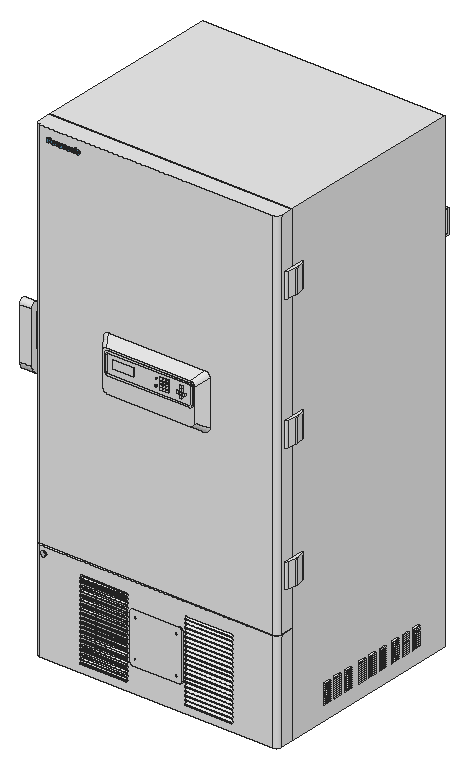
Revit family "MDF-U700VXC-PA", category Mechanical Equipment, Revit 2012
Parameters (values of type "MDF-U700VXC-PA")
  Width = 3' - 3.76378"
  Vents = Metal Steel
  URL = "http://us.sanyo.com/Biomedical-Preservation-Ultra-Low-Freezers-Upright/MDF-U700VXC-25-7-cu-ft-Twin-Guard-Series-Ultralow-Temperature-Freezer-with-86-Dual-Compressor-Cooling-System"
  Switch = Switch
  Supplier Model = "MDF-U700VXC-PA"
  Supplier = "Panasonic Healthcare Company of North America\r\nPanasonic Healthcare Company of North America"
  Shelves = Metal Shelf
  Refrig Charge Lbs = "MU-N700. 475g"
  Pnet Number = ""
  Panel = Plastic
  Model = "Panasonic MDF-U700VXC-PA"
  Manufacturer = "Panasonic"
  Load Mbh = 5743
  Wheels = yes
  Wheel = Stainless Steel
  Legs = yes
  Legend Number = "Millimeters"
  LOAD 1 WATTAGE = 1100 W
  LOAD 1 VOLTAGE = 208 V
  LOAD 1 POLES = 1
  LOAD 1 PLUG TYPE = "Nema 6-15P"
  LOAD 1 NEUTRAL REQUIRED = yes
  LOAD 1 MOUNTING HEIGHT ABOVE FLOOR = 0' - 4"
  LOAD 1 ISOLATED GROUND REQUIRED = no
  LOAD 1 GROUND FAULT PROTECTION REQUIRED = no
  LOAD 1 ENERGY SETBACK REQUIRED = no
  LOAD 1 DESCRIPTION = "single phase 208/220V 60Hz"
  LOAD 1 DEDICATED CIRCUIT REQUIRED = yes
  LOAD 1 CLASSIFICATION = Power
  Height = 6' - 7.13386"
  Handle = Aluminum
  Glass = Glass
  Fridge = Aluminum
  Evap Temp = -90
  EQUIPMENT MARK = "=Legend Number"  # constant formula
  EQUIPMENT DESCRIPTION = "=Description"  # constant formula
  Door = Aluminum
  Description = "Ultra-Low Freezers - Upright, Twin Guard Series"
  Length = 2' - 10.25197"
  Defrost Type = "not applicable"
  Defrost Termination = "not applicable"
  Defrost Num Day = 0
  Actual Weight = 0
Reference planes (in)
  plane 1 "Center (Front/Back)": y = 0
  plane 2: z = 0
  plane 3 "Center (Left/Right)": x = 0
  plane 4: y = 17.12598
  plane 5: y = -17.12598
  plane 6: x = -19.88189
  plane 7: x = 19.88189
  plane 8: z = 79.13386
  plane 9: z = 1.06299
  plane 10: y = -14.2126
  plane 11: z = 75.55118
  plane 12: z = 17.48031
  plane 13: z = 17.67717
  plane 14: y = -18.70079
  plane 15: z = 48.40551
  plane 16: y = -10.11811
  plane 17: y = 11.06299
  plane 18: z = 61.41732
  plane 19: z = 60.74803
  plane 20: z = 61.08268
  plane 21: z = 46.61417
  plane 22: z = 32.14567
  plane 23: z = 46.94882
  plane 24: z = 46.27953
  plane 25: z = 32.48031
  plane 26: z = 31.81102
  plane 27: x = -4.68504
  plane 28: z = 2.40157
  plane 29: z = 15.43307
  plane 30: z = 17.6378
  plane 31: z = 17.67717
  plane 32: x = 4.68504
  plane 33: x = 12.48031
  plane 34: x = -12.48031
  plane 35: x = 4.68504
  plane 36: y = -7.97676
  plane 37: y = -6.40196
  plane 38: y = -5.81141
  plane 39: y = -4.23661
  plane 40: y = -3.64606
  plane 41: y = -2.07125
  plane 42: y = -0.7874
  plane 43: y = 0.7874
  plane 44: y = 1.2898
  plane 45: y = 2.86461
  plane 46: y = 3.45516
  plane 47: y = 5.02996
  plane 48: y = 6.02881
  plane 49: y = 7.60362
  plane 50: y = 8.19417
  plane 51: y = 9.76897
  plane 52: y = 10.35952
  plane 53: y = 11.93433
  plane 54: z = 4
  plane 55: x = -17.12205
  plane 56: x = -17.22441
  plane 57: x = -15.25591
  plane 58: x = 17.22441
  plane 59: x = 15.25591
  plane 60: x = -12.5
  plane 61: x = 12.5
Forms (in)
  Sweep 1, solid, material "Aluminum" <- "Fridge"
    path origin (0, 0, 0) x (1, 0, 0) y (0, 1, 0)
      loop
        line (-19.88189, -14.2126) -> (-19.88189, 17.12598) -> (19.88189, 17.12598) -> (19.88189, -14.2126)
    profile origin (-19.88189, 1.45669, 0) x (-1, 0, 0) y (0, 0, 1)
      loop
        line (0, 1.06299) -> (0, 17.6378) -> (-6.65354, 17.6378) -> (-6.65354, 1.06299) -> (0, 1.06299)
  Extrusion 2, solid, material "Aluminum" <- "Door"
    sketch origin (0, 0, 0) x (1, 0, 0) y (0, 1, 0)
      loop
        line (-19.88189, -14.2126) -> (-19.88189, -16.33858)
        arc (-19.88189, -16.33858) -> (-19.65127, -16.89536) -> (-19.09449, -17.12598) r 0.7874
        line (-19.09449, -17.12598) -> (19.09449, -17.12598)
        arc (19.09449, -17.12598) -> (19.65127, -16.89536) -> (19.88189, -16.33858) r 0.7874
        line (19.88189, -16.33858) -> (19.88189, -14.2126) -> (-19.88189, -14.2126)
    from 1.06299 to 17.48031
  Extrusion 3, solid, material "Aluminum" <- "Fridge"
    sketch origin (0, 0, 0) x (1, 0, 0) y (0, 1, 0)
      loop
        line (-16.63386, 13.58268) -> (-16.63386, -14.2126) -> (16.63386, -14.2126) -> (16.63386, 13.58268) -> (-16.63386, 13.58268)
    from 1.06299 to 1.804
  Extrusion 4, solid, material "Aluminum" <- "Fridge"
    sketch origin (0, 0, 0) x (1, 0, 0) y (0, 0, 1)
      loop
        line (-19.88189, 79.13386) -> (-19.88189, 17.6378) -> (19.88189, 17.6378) -> (19.88189, 79.13386) -> (-19.88189, 79.13386)
    from -17.12598 to 14.2126
  Extrusion 5, solid, material "Aluminum" <- "Door"
    sketch origin (3.54331, -0.05906, 3.54331) x (1, 0, 0) y (0, 1, 0)
      loop
        line (16.33858, -15.9252) -> (16.57475, -15.9252)
        arc (16.57475, -15.9252) -> (16.75574, -15.85023) -> (16.83071, -15.66924) r 0.25596
        line (16.83071, -15.66924) -> (17.06999, -14.31222)
        arc (17.06999, -14.31222) -> (17.08387, -14.15354) -> (17.06999, -13.99487) r 0.91378
        line (17.06999, -13.99487) -> (16.83071, -12.63785)
        arc (16.83071, -12.63785) -> (16.75574, -12.45686) -> (16.57475, -12.38189) r 0.25596
        line (16.57475, -12.38189) -> (16.33858, -12.38189) -> (16.33858, -15.9252)
    from 63.34646 to 67.28346
  Extrusion 6, solid, material "Aluminum" <- "Door"
    sketch origin (3.54331, -0.05906, 3.54331) x (1, 0, 0) y (0, 1, 0)
      loop
        line (16.33858, -15.9252) -> (16.57475, -15.9252)
        arc (16.57475, -15.9252) -> (16.75574, -15.85023) -> (16.83071, -15.66924) r 0.25596
        line (16.83071, -15.66924) -> (17.06999, -14.31222)
        arc (17.06999, -14.31222) -> (17.08387, -14.15354) -> (17.06999, -13.99487) r 0.91378
        line (17.06999, -13.99487) -> (16.83071, -12.63785)
        arc (16.83071, -12.63785) -> (16.75574, -12.45686) -> (16.57475, -12.38189) r 0.25596
        line (16.57475, -12.38189) -> (16.33858, -12.38189) -> (16.33858, -15.9252)
    from 20.66929 to 24.6063
  Extrusion 7, solid, material "Metal Shelf" <- "Shelves"
    sketch origin (0, 0, 0) x (0, 1, 0) y (0, 0, 1)
      loop
        line (-10.11811, 61.41732) -> (-10.11811, 60.7874)
        arc (-10.11811, 60.7874) -> (-10.10658, 60.75956) -> (-10.07874, 60.74803) r 0.03937
        line (-10.07874, 60.74803) -> (10.98425, 60.74803)
        arc (10.98425, 60.74803) -> (11.01209, 60.7365) -> (11.02362, 60.70866) r 0.03937
        line (11.02362, 60.70866) -> (11.02362, 60.07874)
        arc (11.02362, 60.07874) -> (11.04331, 60.05906) -> (11.06299, 60.07874) r 0.01969
        line (11.06299, 60.07874) -> (11.06299, 60.70866)
        arc (11.06299, 60.70866) -> (11.03993, 60.76434) -> (10.98425, 60.7874) r 0.07874
        line (10.98425, 60.7874) -> (-10.07874, 60.7874) -> (-10.07874, 61.41732) -> (-10.11811, 61.41732)
    from -13.22835 to 13.22835
  Extrusion 8, solid, material "Metal Shelf" <- "Shelves"
    sketch origin (0, 0, 0) x (0, 1, 0) y (0, 0, 1)
      loop
        line (10.98425, 60.7874) -> (10.3937, 61.41732) -> (-8.46457, 61.41732) -> (-9.09449, 60.7874) -> (10.98425, 60.7874)
    from -13.22835 to 13.22835
  Extrusion 9, solid, material "Metal Shelf" <- "Shelves"
    sketch origin (0, 0, 0) x (0, 1, 0) y (0, 0, 1)
      loop
        arc (11.02362, 60.70866) -> (11.01209, 60.7365) -> (10.98425, 60.74803) r 0.03937
        line (10.98425, 60.74803) -> (9.96063, 60.74803)
        arc (9.96063, 60.74803) -> (9.93279, 60.7365) -> (9.92126, 60.70866) r 0.03937
        line (9.92126, 60.70866) -> (9.92126, 60.15413) -> (9.96063, 60.15413) -> (9.96063, 60.70866) -> (10.93574, 60.70866)
        arc (10.93574, 60.70866) -> (10.97004, 60.69445) -> (10.98425, 60.66015) r 0.04852
        line (10.98425, 60.66015) -> (10.98425, 60.07874)
        arc (10.98425, 60.07874) -> (11.00394, 60.05906) -> (11.02362, 60.07874) r 0.01969
        line (11.02362, 60.07874) -> (11.02362, 60.70866)
    from -13.22835 to 13.22835
  Extrusion 10, solid, material "Metal Shelf" <- "Shelves"
    sketch origin (0, 0, -14.4685) x (0, 1, 0) y (0, 0, 1)
      loop
        line (-10.11811, 61.41732) -> (-10.11811, 60.7874)
        arc (-10.11811, 60.7874) -> (-10.10658, 60.75956) -> (-10.07874, 60.74803) r 0.03937
        line (-10.07874, 60.74803) -> (10.98425, 60.74803)
        arc (10.98425, 60.74803) -> (11.01209, 60.7365) -> (11.02362, 60.70866) r 0.03937
        line (11.02362, 60.70866) -> (11.02362, 60.07874)
        arc (11.02362, 60.07874) -> (11.04331, 60.05906) -> (11.06299, 60.07874) r 0.01969
        line (11.06299, 60.07874) -> (11.06299, 60.70866)
        arc (11.06299, 60.70866) -> (11.03993, 60.76434) -> (10.98425, 60.7874) r 0.07874
        line (10.98425, 60.7874) -> (-10.07874, 60.7874) -> (-10.07874, 61.41732) -> (-10.11811, 61.41732)
    from -13.22835 to 13.22835
  Extrusion 11, solid, material "Metal Shelf" <- "Shelves"
    sketch origin (0, 0, -14.4685) x (0, 1, 0) y (0, 0, 1)
      loop
        line (10.98425, 60.7874) -> (10.3937, 61.41732) -> (-8.46457, 61.41732) -> (-9.09449, 60.7874) -> (10.98425, 60.7874)
    from -13.22835 to 13.22835
  Extrusion 12, solid, material "Metal Shelf" <- "Shelves"
    sketch origin (0, 0, -14.4685) x (0, 1, 0) y (0, 0, 1)
      loop
        arc (11.02362, 60.70866) -> (11.01209, 60.7365) -> (10.98425, 60.74803) r 0.03937
        line (10.98425, 60.74803) -> (9.96063, 60.74803)
        arc (9.96063, 60.74803) -> (9.93279, 60.7365) -> (9.92126, 60.70866) r 0.03937
        line (9.92126, 60.70866) -> (9.92126, 60.15413) -> (9.96063, 60.15413) -> (9.96063, 60.70866) -> (10.93574, 60.70866)
        arc (10.93574, 60.70866) -> (10.97004, 60.69445) -> (10.98425, 60.66015) r 0.04852
        line (10.98425, 60.66015) -> (10.98425, 60.07874)
        arc (10.98425, 60.07874) -> (11.00394, 60.05906) -> (11.02362, 60.07874) r 0.01969
        line (11.02362, 60.07874) -> (11.02362, 60.70866)
    from -13.22835 to 13.22835
  Extrusion 13, solid, material "Metal Shelf" <- "Shelves"
    sketch origin (0, 0, -28.93701) x (0, 1, 0) y (0, 0, 1)
      loop
        line (-10.11811, 61.41732) -> (-10.11811, 60.7874)
        arc (-10.11811, 60.7874) -> (-10.10658, 60.75956) -> (-10.07874, 60.74803) r 0.03937
        line (-10.07874, 60.74803) -> (10.98425, 60.74803)
        arc (10.98425, 60.74803) -> (11.01209, 60.7365) -> (11.02362, 60.70866) r 0.03937
        line (11.02362, 60.70866) -> (11.02362, 60.07874)
        arc (11.02362, 60.07874) -> (11.04331, 60.05906) -> (11.06299, 60.07874) r 0.01969
        line (11.06299, 60.07874) -> (11.06299, 60.70866)
        arc (11.06299, 60.70866) -> (11.03993, 60.76434) -> (10.98425, 60.7874) r 0.07874
        line (10.98425, 60.7874) -> (-10.07874, 60.7874) -> (-10.07874, 61.41732) -> (-10.11811, 61.41732)
    from -13.22835 to 13.22835
  Extrusion 14, solid, material "Metal Shelf" <- "Shelves"
    sketch origin (0, 0, -28.93701) x (0, 1, 0) y (0, 0, 1)
      loop
        line (10.98425, 60.7874) -> (10.3937, 61.41732) -> (-8.46457, 61.41732) -> (-9.09449, 60.7874) -> (10.98425, 60.7874)
    from -13.22835 to 13.22835
  Extrusion 15, solid, material "Metal Shelf" <- "Shelves"
    sketch origin (0, 0, -28.93701) x (0, 1, 0) y (0, 0, 1)
      loop
        arc (11.02362, 60.70866) -> (11.01209, 60.7365) -> (10.98425, 60.74803) r 0.03937
        line (10.98425, 60.74803) -> (9.96063, 60.74803)
        arc (9.96063, 60.74803) -> (9.93279, 60.7365) -> (9.92126, 60.70866) r 0.03937
        line (9.92126, 60.70866) -> (9.92126, 60.15413) -> (9.96063, 60.15413) -> (9.96063, 60.70866) -> (10.93574, 60.70866)
        arc (10.93574, 60.70866) -> (10.97004, 60.69445) -> (10.98425, 60.66015) r 0.04852
        line (10.98425, 60.66015) -> (10.98425, 60.07874)
        arc (10.98425, 60.07874) -> (11.00394, 60.05906) -> (11.02362, 60.07874) r 0.01969
        line (11.02362, 60.07874) -> (11.02362, 60.70866)
    from -13.22835 to 13.22835
  Extrusion 16, solid, material "Metal Steel" <- "Vents"
    sketch origin (-15.96134, 17.3622, -0.87359) x (0, 1, 0) y (0, 0, -1)
      loop
        line (-34.68504, -4.70389) -> (-33.89764, -5.07106) -> (-33.89764, -4.98418) -> (-34.68504, -4.61701) -> (-34.68504, -4.70389)
      loop
        line (-34.68504, -5.37533) -> (-33.89764, -5.7425) -> (-33.89764, -5.65562) -> (-34.68504, -5.28845) -> (-34.68504, -5.37533)
      loop
        line (-34.68504, -6.04102) -> (-33.89764, -6.40819) -> (-33.89764, -6.32131) -> (-34.68504, -5.95414) -> (-34.68504, -6.04102)
      loop
        line (-34.68504, -6.70671) -> (-33.89764, -7.07388) -> (-33.89764, -6.987) -> (-34.68504, -6.61983) -> (-34.68504, -6.70671)
      loop
        line (-34.68504, -7.3724) -> (-33.89764, -7.73957) -> (-33.89764, -7.65269) -> (-34.68504, -7.28552) -> (-34.68504, -7.3724)
      loop
        line (-34.68504, -8.03809) -> (-33.89764, -8.40526) -> (-33.89764, -8.31838) -> (-34.68504, -7.95121) -> (-34.68504, -8.03809)
      loop
        line (-34.68504, -8.70378) -> (-33.89764, -9.07095) -> (-33.89764, -8.98407) -> (-34.68504, -8.6169) -> (-34.68504, -8.70378)
      loop
        line (-34.68504, -9.36947) -> (-33.89764, -9.73664) -> (-33.89764, -9.64976) -> (-34.68504, -9.28259) -> (-34.68504, -9.36947)
      loop
        line (-34.68504, -10.03516) -> (-33.89764, -10.40233) -> (-33.89764, -10.31545) -> (-34.68504, -9.94828) -> (-34.68504, -10.03516)
      loop
        line (-34.68504, -10.70085) -> (-33.89764, -11.06802) -> (-33.89764, -10.98114) -> (-34.68504, -10.61397) -> (-34.68504, -10.70085)
      loop
        line (-34.68504, -11.36654) -> (-33.89764, -11.73371) -> (-33.89764, -11.64683) -> (-34.68504, -11.27966) -> (-34.68504, -11.36654)
      loop
        line (-34.68504, -12.03223) -> (-33.89764, -12.3994) -> (-33.89764, -12.31252) -> (-34.68504, -11.94535) -> (-34.68504, -12.03223)
      loop
        line (-34.68504, -12.69792) -> (-33.89764, -13.06509) -> (-33.89764, -12.97821) -> (-34.68504, -12.61104) -> (-34.68504, -12.69792)
      loop
        line (-34.68504, -13.36361) -> (-33.89764, -13.73078) -> (-33.89764, -13.6439) -> (-34.68504, -13.27673) -> (-34.68504, -13.36361)
      loop
        line (-34.68504, -14.0293) -> (-33.89764, -14.39647) -> (-33.89764, -14.30959) -> (-34.68504, -13.94242) -> (-34.68504, -14.0293)
      loop
        line (-34.68504, -14.69499) -> (-33.89764, -15.06216) -> (-33.89764, -14.97528) -> (-34.68504, -14.60811) -> (-34.68504, -14.69499)
      loop
        line (-34.68504, -15.36068) -> (-33.89764, -15.72785) -> (-33.89764, -15.64097) -> (-34.68504, -15.2738) -> (-34.68504, -15.36068)
      loop
        line (-34.68504, -15.93949) -> (-33.89764, -16.30666) -> (-33.89764, -16.21978) -> (-34.68504, -15.85261) -> (-34.68504, -15.93949)
      loop
        line (-34.68504, -4.03245) -> (-33.89764, -4.39962) -> (-33.89764, -4.31274) -> (-34.68504, -3.94557) -> (-34.68504, -4.03245)
      loop
        line (-34.68504, -3.36101) -> (-33.89764, -3.72818) -> (-33.89764, -3.6413) -> (-34.68504, -3.27413) -> (-34.68504, -3.36101)
    from -11.2763 to -3.48102
  Extrusion 17, void
    sketch origin (0, 0, 0) x (1, 0, 0) y (0, 1, 0)
      loop
        line (-12.48031, -17.12598) -> (-4.68504, -17.12598) -> (-4.68504, -14.2126) -> (-12.48031, -14.2126) -> (-12.48031, -17.12598)
    from 2.40157 to 15.43307
  Extrusion 18, solid, material "Metal Steel" <- "Vents"
    sketch origin (15.96134, 17.3622, -0.87359) x (0, 1, 0) y (0, 0, 1)
      loop
        line (-34.68504, 4.70389) -> (-34.68504, 4.61701) -> (-33.89764, 4.98418) -> (-33.89764, 5.07106) -> (-34.68504, 4.70389)
      loop
        line (-34.68504, 5.37533) -> (-34.68504, 5.28845) -> (-33.89764, 5.65562) -> (-33.89764, 5.7425) -> (-34.68504, 5.37533)
      loop
        line (-34.68504, 6.04102) -> (-34.68504, 5.95414) -> (-33.89764, 6.32131) -> (-33.89764, 6.40819) -> (-34.68504, 6.04102)
      loop
        line (-34.68504, 6.70671) -> (-34.68504, 6.61983) -> (-33.89764, 6.987) -> (-33.89764, 7.07388) -> (-34.68504, 6.70671)
      loop
        line (-34.68504, 7.3724) -> (-34.68504, 7.28552) -> (-33.89764, 7.65269) -> (-33.89764, 7.73957) -> (-34.68504, 7.3724)
      loop
        line (-34.68504, 8.03809) -> (-34.68504, 7.95121) -> (-33.89764, 8.31838) -> (-33.89764, 8.40526) -> (-34.68504, 8.03809)
      loop
        line (-34.68504, 8.70378) -> (-34.68504, 8.6169) -> (-33.89764, 8.98407) -> (-33.89764, 9.07095) -> (-34.68504, 8.70378)
      loop
        line (-34.68504, 9.36947) -> (-34.68504, 9.28259) -> (-33.89764, 9.64976) -> (-33.89764, 9.73664) -> (-34.68504, 9.36947)
      loop
        line (-34.68504, 10.03516) -> (-34.68504, 9.94828) -> (-33.89764, 10.31545) -> (-33.89764, 10.40233) -> (-34.68504, 10.03516)
      loop
        line (-34.68504, 10.70085) -> (-34.68504, 10.61397) -> (-33.89764, 10.98114) -> (-33.89764, 11.06802) -> (-34.68504, 10.70085)
      loop
        line (-34.68504, 11.36654) -> (-34.68504, 11.27966) -> (-33.89764, 11.64683) -> (-33.89764, 11.73371) -> (-34.68504, 11.36654)
      loop
        line (-34.68504, 12.03223) -> (-34.68504, 11.94535) -> (-33.89764, 12.31252) -> (-33.89764, 12.3994) -> (-34.68504, 12.03223)
      loop
        line (-34.68504, 12.69792) -> (-34.68504, 12.61104) -> (-33.89764, 12.97821) -> (-33.89764, 13.06509) -> (-34.68504, 12.69792)
      loop
        line (-34.68504, 13.36361) -> (-34.68504, 13.27673) -> (-33.89764, 13.6439) -> (-33.89764, 13.73078) -> (-34.68504, 13.36361)
      loop
        line (-34.68504, 14.0293) -> (-34.68504, 13.94242) -> (-33.89764, 14.30959) -> (-33.89764, 14.39647) -> (-34.68504, 14.0293)
      loop
        line (-34.68504, 14.69499) -> (-34.68504, 14.60811) -> (-33.89764, 14.97528) -> (-33.89764, 15.06216) -> (-34.68504, 14.69499)
      loop
        line (-34.68504, 15.36068) -> (-34.68504, 15.2738) -> (-33.89764, 15.64097) -> (-33.89764, 15.72785) -> (-34.68504, 15.36068)
      loop
        line (-34.68504, 15.93949) -> (-34.68504, 15.85261) -> (-33.89764, 16.21978) -> (-33.89764, 16.30666) -> (-34.68504, 15.93949)
      loop
        line (-34.68504, 4.03245) -> (-34.68504, 3.94557) -> (-33.89764, 4.31274) -> (-33.89764, 4.39962) -> (-34.68504, 4.03245)
      loop
        line (-34.68504, 3.36101) -> (-34.68504, 3.27413) -> (-33.89764, 3.6413) -> (-33.89764, 3.72818) -> (-34.68504, 3.36101)
    from -11.2763 to -3.48102
  Extrusion 19, void
    sketch origin (0, 0, 0) x (-1, 0, 0) y (0, -1, 0)
      loop
        line (-12.48031, 17.12598) -> (-12.48031, 14.2126) -> (-4.68504, 14.2126) -> (-4.68504, 17.12598) -> (-12.48031, 17.12598)
    from 2.40157 to 15.43307
  Extrusion 20, solid, material "Metal Steel" <- "Vents"
    sketch origin (5.31496, -1.44889, 2.72395) x (-1, 0, 0) y (0, 0, -1)
      loop
        line (-14.56693, -3.1781) -> (-13.77953, -3.54528) -> (-13.77953, -3.4584) -> (-14.56693, -3.09122) -> (-14.56693, -3.1781)
      loop
        line (-14.56693, -2.87345) -> (-13.77953, -3.24062) -> (-13.77953, -3.15374) -> (-14.56693, -2.78657) -> (-14.56693, -2.87345)
      loop
        line (-14.56693, -2.57005) -> (-13.77953, -2.93722) -> (-13.77953, -2.85034) -> (-14.56693, -2.48317) -> (-14.56693, -2.57005)
      loop
        line (-14.56693, -2.27962) -> (-13.77953, -2.64679) -> (-13.77953, -2.55991) -> (-14.56693, -2.19274) -> (-14.56693, -2.27962)
      loop
        line (-14.56693, -3.77193) -> (-13.77953, -4.1391) -> (-13.77953, -4.05222) -> (-14.56693, -3.68505) -> (-14.56693, -3.77193)
      loop
        line (-14.56693, -3.46853) -> (-13.77953, -3.8357) -> (-13.77953, -3.74882) -> (-14.56693, -3.38165) -> (-14.56693, -3.46853)
      loop
        line (-14.56693, -1.9892) -> (-13.77953, -2.35637) -> (-13.77953, -2.26949) -> (-14.56693, -1.90232) -> (-14.56693, -1.9892)
      loop
        line (-14.56693, -1.69877) -> (-13.77953, -2.06594) -> (-13.77953, -1.97906) -> (-14.56693, -1.61189) -> (-14.56693, -1.69877)
      loop
        line (-14.56693, -1.40835) -> (-13.77953, -1.77552) -> (-13.77953, -1.68864) -> (-14.56693, -1.32147) -> (-14.56693, -1.40835)
      loop
        line (-14.56693, -1.11792) -> (-13.77953, -1.48509) -> (-13.77953, -1.39821) -> (-14.56693, -1.03104) -> (-14.56693, -1.11792)
      loop
        line (-14.56693, -0.8275) -> (-13.77953, -1.19467) -> (-13.77953, -1.10779) -> (-14.56693, -0.74062) -> (-14.56693, -0.8275)
    from 4.95307 to 6.52787
  Extrusion 21, solid, material "Metal Steel" <- "Vents"
    sketch origin (5.31496, -10.76448, 2.72395) x (-1, 0, 0) y (0, 0, 1)
      loop
        line (-14.56693, 3.1781) -> (-14.56693, 3.09122) -> (-13.77953, 3.4584) -> (-13.77953, 3.54528) -> (-14.56693, 3.1781)
      loop
        line (-14.56693, 2.87345) -> (-14.56693, 2.78657) -> (-13.77953, 3.15374) -> (-13.77953, 3.24062) -> (-14.56693, 2.87345)
      loop
        line (-14.56693, 2.57005) -> (-14.56693, 2.48317) -> (-13.77953, 2.85034) -> (-13.77953, 2.93722) -> (-14.56693, 2.57005)
      loop
        line (-14.56693, 2.27962) -> (-14.56693, 2.19274) -> (-13.77953, 2.55991) -> (-13.77953, 2.64679) -> (-14.56693, 2.27962)
      loop
        line (-14.56693, 3.77193) -> (-14.56693, 3.68505) -> (-13.77953, 4.05222) -> (-13.77953, 4.1391) -> (-14.56693, 3.77193)
      loop
        line (-14.56693, 3.46853) -> (-14.56693, 3.38165) -> (-13.77953, 3.74882) -> (-13.77953, 3.8357) -> (-14.56693, 3.46853)
      loop
        line (-14.56693, 1.9892) -> (-14.56693, 1.90232) -> (-13.77953, 2.26949) -> (-13.77953, 2.35637) -> (-14.56693, 1.9892)
      loop
        line (-14.56693, 1.69877) -> (-14.56693, 1.61189) -> (-13.77953, 1.97906) -> (-13.77953, 2.06594) -> (-14.56693, 1.69877)
      loop
        line (-14.56693, 1.40835) -> (-14.56693, 1.32147) -> (-13.77953, 1.68864) -> (-13.77953, 1.77552) -> (-14.56693, 1.40835)
      loop
        line (-14.56693, 1.11792) -> (-14.56693, 1.03104) -> (-13.77953, 1.39821) -> (-13.77953, 1.48509) -> (-14.56693, 1.11792)
      loop
        line (-14.56693, 0.8275) -> (-14.56693, 0.74062) -> (-13.77953, 1.10779) -> (-13.77953, 1.19467) -> (-14.56693, 0.8275)
    from 4.95307 to 6.52787
  Extrusion 22, solid, material "Metal Steel" <- "Vents"
    sketch origin (5.31496, -8.59912, 2.72395) x (-1, 0, 0) y (0, 0, 1)
      loop
        line (-14.56693, 3.1781) -> (-14.56693, 3.09122) -> (-13.77953, 3.4584) -> (-13.77953, 3.54528) -> (-14.56693, 3.1781)
      loop
        line (-14.56693, 2.87345) -> (-14.56693, 2.78657) -> (-13.77953, 3.15374) -> (-13.77953, 3.24062) -> (-14.56693, 2.87345)
      loop
        line (-14.56693, 2.57005) -> (-14.56693, 2.48317) -> (-13.77953, 2.85034) -> (-13.77953, 2.93722) -> (-14.56693, 2.57005)
      loop
        line (-14.56693, 2.27962) -> (-14.56693, 2.19274) -> (-13.77953, 2.55991) -> (-13.77953, 2.64679) -> (-14.56693, 2.27962)
      loop
        line (-14.56693, 3.77193) -> (-14.56693, 3.68505) -> (-13.77953, 4.05222) -> (-13.77953, 4.1391) -> (-14.56693, 3.77193)
      loop
        line (-14.56693, 3.46853) -> (-14.56693, 3.38165) -> (-13.77953, 3.74882) -> (-13.77953, 3.8357) -> (-14.56693, 3.46853)
      loop
        line (-14.56693, 1.9892) -> (-14.56693, 1.90232) -> (-13.77953, 2.26949) -> (-13.77953, 2.35637) -> (-14.56693, 1.9892)
      loop
        line (-14.56693, 1.69877) -> (-14.56693, 1.61189) -> (-13.77953, 1.97906) -> (-13.77953, 2.06594) -> (-14.56693, 1.69877)
      loop
        line (-14.56693, 1.40835) -> (-14.56693, 1.32147) -> (-13.77953, 1.68864) -> (-13.77953, 1.77552) -> (-14.56693, 1.40835)
      loop
        line (-14.56693, 1.11792) -> (-14.56693, 1.03104) -> (-13.77953, 1.39821) -> (-13.77953, 1.48509) -> (-14.56693, 1.11792)
      loop
        line (-14.56693, 0.8275) -> (-14.56693, 0.74062) -> (-13.77953, 1.10779) -> (-13.77953, 1.19467) -> (-14.56693, 0.8275)
    from 4.95307 to 6.52787
  Extrusion 23, solid, material "Metal Steel" <- "Vents"
    sketch origin (5.31496, 5.65232, 2.72395) x (-1, 0, 0) y (0, 0, -1)
      loop
        line (-14.56693, -3.1781) -> (-13.77953, -3.54528) -> (-13.77953, -3.4584) -> (-14.56693, -3.09122) -> (-14.56693, -3.1781)
      loop
        line (-14.56693, -2.87345) -> (-13.77953, -3.24062) -> (-13.77953, -3.15374) -> (-14.56693, -2.78657) -> (-14.56693, -2.87345)
      loop
        line (-14.56693, -2.57005) -> (-13.77953, -2.93722) -> (-13.77953, -2.85034) -> (-14.56693, -2.48317) -> (-14.56693, -2.57005)
      loop
        line (-14.56693, -2.27962) -> (-13.77953, -2.64679) -> (-13.77953, -2.55991) -> (-14.56693, -2.19274) -> (-14.56693, -2.27962)
      loop
        line (-14.56693, -3.77193) -> (-13.77953, -4.1391) -> (-13.77953, -4.05222) -> (-14.56693, -3.68505) -> (-14.56693, -3.77193)
      loop
        line (-14.56693, -3.46853) -> (-13.77953, -3.8357) -> (-13.77953, -3.74882) -> (-14.56693, -3.38165) -> (-14.56693, -3.46853)
      loop
        line (-14.56693, -1.9892) -> (-13.77953, -2.35637) -> (-13.77953, -2.26949) -> (-14.56693, -1.90232) -> (-14.56693, -1.9892)
      loop
        line (-14.56693, -1.69877) -> (-13.77953, -2.06594) -> (-13.77953, -1.97906) -> (-14.56693, -1.61189) -> (-14.56693, -1.69877)
      loop
        line (-14.56693, -1.40835) -> (-13.77953, -1.77552) -> (-13.77953, -1.68864) -> (-14.56693, -1.32147) -> (-14.56693, -1.40835)
      loop
        line (-14.56693, -1.11792) -> (-13.77953, -1.48509) -> (-13.77953, -1.39821) -> (-14.56693, -1.03104) -> (-14.56693, -1.11792)
      loop
        line (-14.56693, -0.8275) -> (-13.77953, -1.19467) -> (-13.77953, -1.10779) -> (-14.56693, -0.74062) -> (-14.56693, -0.8275)
    from 4.86492 to 6.43972
  Extrusion 24, solid, material "Metal Steel" <- "Vents"
    sketch origin (5.31496, -3.66326, 2.72395) x (-1, 0, 0) y (0, 0, 1)
      loop
        line (-14.56693, 3.1781) -> (-14.56693, 3.09122) -> (-13.77953, 3.4584) -> (-13.77953, 3.54528) -> (-14.56693, 3.1781)
      loop
        line (-14.56693, 2.87345) -> (-14.56693, 2.78657) -> (-13.77953, 3.15374) -> (-13.77953, 3.24062) -> (-14.56693, 2.87345)
      loop
        line (-14.56693, 2.57005) -> (-14.56693, 2.48317) -> (-13.77953, 2.85034) -> (-13.77953, 2.93722) -> (-14.56693, 2.57005)
      loop
        line (-14.56693, 2.27962) -> (-14.56693, 2.19274) -> (-13.77953, 2.55991) -> (-13.77953, 2.64679) -> (-14.56693, 2.27962)
      loop
        line (-14.56693, 3.77193) -> (-14.56693, 3.68505) -> (-13.77953, 4.05222) -> (-13.77953, 4.1391) -> (-14.56693, 3.77193)
      loop
        line (-14.56693, 3.46853) -> (-14.56693, 3.38165) -> (-13.77953, 3.74882) -> (-13.77953, 3.8357) -> (-14.56693, 3.46853)
      loop
        line (-14.56693, 1.9892) -> (-14.56693, 1.90232) -> (-13.77953, 2.26949) -> (-13.77953, 2.35637) -> (-14.56693, 1.9892)
      loop
        line (-14.56693, 1.69877) -> (-14.56693, 1.61189) -> (-13.77953, 1.97906) -> (-13.77953, 2.06594) -> (-14.56693, 1.69877)
      loop
        line (-14.56693, 1.40835) -> (-14.56693, 1.32147) -> (-13.77953, 1.68864) -> (-13.77953, 1.77552) -> (-14.56693, 1.40835)
      loop
        line (-14.56693, 1.11792) -> (-14.56693, 1.03104) -> (-13.77953, 1.39821) -> (-13.77953, 1.48509) -> (-14.56693, 1.11792)
      loop
        line (-14.56693, 0.8275) -> (-14.56693, 0.74062) -> (-13.77953, 1.10779) -> (-13.77953, 1.19467) -> (-14.56693, 0.8275)
    from 4.95307 to 6.52787
  Extrusion 25, solid, material "Metal Steel" <- "Vents"
    sketch origin (5.31496, -1.49791, 2.72395) x (-1, 0, 0) y (0, 0, 1)
      loop
        line (-14.56693, 3.1781) -> (-14.56693, 3.09122) -> (-13.77953, 3.4584) -> (-13.77953, 3.54528) -> (-14.56693, 3.1781)
      loop
        line (-14.56693, 2.87345) -> (-14.56693, 2.78657) -> (-13.77953, 3.15374) -> (-13.77953, 3.24062) -> (-14.56693, 2.87345)
      loop
        line (-14.56693, 2.57005) -> (-14.56693, 2.48317) -> (-13.77953, 2.85034) -> (-13.77953, 2.93722) -> (-14.56693, 2.57005)
      loop
        line (-14.56693, 2.27962) -> (-14.56693, 2.19274) -> (-13.77953, 2.55991) -> (-13.77953, 2.64679) -> (-14.56693, 2.27962)
      loop
        line (-14.56693, 3.77193) -> (-14.56693, 3.68505) -> (-13.77953, 4.05222) -> (-13.77953, 4.1391) -> (-14.56693, 3.77193)
      loop
        line (-14.56693, 3.46853) -> (-14.56693, 3.38165) -> (-13.77953, 3.74882) -> (-13.77953, 3.8357) -> (-14.56693, 3.46853)
      loop
        line (-14.56693, 1.9892) -> (-14.56693, 1.90232) -> (-13.77953, 2.26949) -> (-13.77953, 2.35637) -> (-14.56693, 1.9892)
      loop
        line (-14.56693, 1.69877) -> (-14.56693, 1.61189) -> (-13.77953, 1.97906) -> (-13.77953, 2.06594) -> (-14.56693, 1.69877)
      loop
        line (-14.56693, 1.40835) -> (-14.56693, 1.32147) -> (-13.77953, 1.68864) -> (-13.77953, 1.77552) -> (-14.56693, 1.40835)
      loop
        line (-14.56693, 1.11792) -> (-14.56693, 1.03104) -> (-13.77953, 1.39821) -> (-13.77953, 1.48509) -> (-14.56693, 1.11792)
      loop
        line (-14.56693, 0.8275) -> (-14.56693, 0.74062) -> (-13.77953, 1.10779) -> (-13.77953, 1.19467) -> (-14.56693, 0.8275)
    from 4.95307 to 6.52787
  Extrusion 26, solid, material "Metal Steel" <- "Vents"
    sketch origin (5.31496, 12.55669, 2.72395) x (-1, 0, 0) y (0, 0, -1)
      loop
        line (-14.56693, -3.1781) -> (-13.77953, -3.54528) -> (-13.77953, -3.4584) -> (-14.56693, -3.09122) -> (-14.56693, -3.1781)
      loop
        line (-14.56693, -2.87345) -> (-13.77953, -3.24062) -> (-13.77953, -3.15374) -> (-14.56693, -2.78657) -> (-14.56693, -2.87345)
      loop
        line (-14.56693, -2.57005) -> (-13.77953, -2.93722) -> (-13.77953, -2.85034) -> (-14.56693, -2.48317) -> (-14.56693, -2.57005)
      loop
        line (-14.56693, -2.27962) -> (-13.77953, -2.64679) -> (-13.77953, -2.55991) -> (-14.56693, -2.19274) -> (-14.56693, -2.27962)
      loop
        line (-14.56693, -3.77193) -> (-13.77953, -4.1391) -> (-13.77953, -4.05222) -> (-14.56693, -3.68505) -> (-14.56693, -3.77193)
      loop
        line (-14.56693, -3.46853) -> (-13.77953, -3.8357) -> (-13.77953, -3.74882) -> (-14.56693, -3.38165) -> (-14.56693, -3.46853)
      loop
        line (-14.56693, -1.9892) -> (-13.77953, -2.35637) -> (-13.77953, -2.26949) -> (-14.56693, -1.90232) -> (-14.56693, -1.9892)
      loop
        line (-14.56693, -1.69877) -> (-13.77953, -2.06594) -> (-13.77953, -1.97906) -> (-14.56693, -1.61189) -> (-14.56693, -1.69877)
      loop
        line (-14.56693, -1.40835) -> (-13.77953, -1.77552) -> (-13.77953, -1.68864) -> (-14.56693, -1.32147) -> (-14.56693, -1.40835)
      loop
        line (-14.56693, -1.11792) -> (-13.77953, -1.48509) -> (-13.77953, -1.39821) -> (-14.56693, -1.03104) -> (-14.56693, -1.11792)
      loop
        line (-14.56693, -0.8275) -> (-13.77953, -1.19467) -> (-13.77953, -1.10779) -> (-14.56693, -0.74062) -> (-14.56693, -0.8275)
    from 4.95307 to 6.52787
  Extrusion 27, solid, material "Metal Steel" <- "Vents"
    sketch origin (5.31496, 3.2411, 2.72395) x (-1, 0, 0) y (0, 0, 1)
      loop
        line (-14.56693, 3.1781) -> (-14.56693, 3.09122) -> (-13.77953, 3.4584) -> (-13.77953, 3.54528) -> (-14.56693, 3.1781)
      loop
        line (-14.56693, 2.87345) -> (-14.56693, 2.78657) -> (-13.77953, 3.15374) -> (-13.77953, 3.24062) -> (-14.56693, 2.87345)
      loop
        line (-14.56693, 2.57005) -> (-14.56693, 2.48317) -> (-13.77953, 2.85034) -> (-13.77953, 2.93722) -> (-14.56693, 2.57005)
      loop
        line (-14.56693, 2.27962) -> (-14.56693, 2.19274) -> (-13.77953, 2.55991) -> (-13.77953, 2.64679) -> (-14.56693, 2.27962)
      loop
        line (-14.56693, 3.77193) -> (-14.56693, 3.68505) -> (-13.77953, 4.05222) -> (-13.77953, 4.1391) -> (-14.56693, 3.77193)
      loop
        line (-14.56693, 3.46853) -> (-14.56693, 3.38165) -> (-13.77953, 3.74882) -> (-13.77953, 3.8357) -> (-14.56693, 3.46853)
      loop
        line (-14.56693, 1.9892) -> (-14.56693, 1.90232) -> (-13.77953, 2.26949) -> (-13.77953, 2.35637) -> (-14.56693, 1.9892)
      loop
        line (-14.56693, 1.69877) -> (-14.56693, 1.61189) -> (-13.77953, 1.97906) -> (-13.77953, 2.06594) -> (-14.56693, 1.69877)
      loop
        line (-14.56693, 1.40835) -> (-14.56693, 1.32147) -> (-13.77953, 1.68864) -> (-13.77953, 1.77552) -> (-14.56693, 1.40835)
      loop
        line (-14.56693, 1.11792) -> (-14.56693, 1.03104) -> (-13.77953, 1.39821) -> (-13.77953, 1.48509) -> (-14.56693, 1.11792)
      loop
        line (-14.56693, 0.8275) -> (-14.56693, 0.74062) -> (-13.77953, 1.10779) -> (-13.77953, 1.19467) -> (-14.56693, 0.8275)
    from 4.95307 to 6.52787
  Extrusion 28, void
    sketch origin (0, 0, 0) x (0, 1, 0) y (0, 0, 1)
      loop
        line (11.93433, 3.46457) -> (11.93433, 6.86305) -> (10.35952, 6.86305) -> (10.35952, 3.46457) -> (11.93433, 3.46457)
      loop
        line (9.76897, 6.86305) -> (8.19417, 6.86305) -> (8.19417, 3.46457) -> (9.76897, 3.46457) -> (9.76897, 6.86305)
      loop
        line (7.60362, 6.86305) -> (6.02881, 6.86305) -> (6.02881, 3.46457) -> (7.60362, 3.46457) -> (7.60362, 6.86305)
      loop
        line (3.45516, 3.46457) -> (5.02996, 3.46457) -> (5.02996, 6.86305) -> (3.45516, 6.86305) -> (3.45516, 3.46457)
      loop
        line (1.2898, 3.46457) -> (2.86461, 3.46457) -> (2.86461, 6.86305) -> (1.2898, 6.86305) -> (1.2898, 3.46457)
      loop
        line (-0.7874, 3.46457) -> (0.7874, 3.46457) -> (0.7874, 6.86305) -> (-0.7874, 6.86305) -> (-0.7874, 3.46457)
      loop
        line (-2.07125, 6.86305) -> (-3.64606, 6.86305) -> (-3.64606, 3.46457) -> (-2.07125, 3.46457) -> (-2.07125, 6.86305)
      loop
        line (-4.23661, 6.86305) -> (-5.81141, 6.86305) -> (-5.81141, 3.46457) -> (-4.23661, 3.46457) -> (-4.23661, 6.86305)
      loop
        line (-6.40196, 6.86305) -> (-7.97676, 6.86305) -> (-7.97676, 3.46457) -> (-6.40196, 3.46457) -> (-6.40196, 6.86305)
    from 14.37008 to 19.88189
  Extrusion 29, solid, material "Plastic" <- "Panel"
    sketch origin (0.3937, 7.48031, -15.50404) x (0, 1, 0) y (0, 0, 1)
      loop
        line (9.76378, 74.40945) -> (13.70079, 74.40945) -> (13.70079, 78.34646) -> (9.76378, 78.34646) -> (9.76378, 79.96824) -> (9.64567, 79.96824) -> (9.64567, 78.22835) -> (13.58268, 78.22835) -> (13.58268, 74.52756) -> (9.64567, 74.52756) -> (9.64567, 72.67717) -> (9.76378, 72.67717) -> (9.76378, 74.40945)
    from -17.61811 to -15.64961
  Extrusion 30, solid, material "Plastic" <- "Panel"
    sketch origin (-0.3937, 7.48031, -15.50404) x (0, 1, 0) y (0, 0, -1)
      loop
        line (9.76378, -74.40945) -> (9.76378, -72.67717) -> (9.64567, -72.67717) -> (9.64567, -74.52756) -> (13.58268, -74.52756) -> (13.58268, -78.22835) -> (9.64567, -78.22835) -> (9.64567, -79.96824) -> (9.76378, -79.96824) -> (9.76378, -78.34646) -> (13.70079, -78.34646) -> (13.70079, -74.40945) -> (9.76378, -74.40945)
    from -17.61811 to -15.64961
  Extrusion 31, solid, material "Aluminum" <- "Door"
    sketch origin (0, 0, 0) x (1, 0, 0) y (0, 1, 0)
      loop
        line (-19.88189, -14.2126) -> (-19.88189, -16.33858)
        arc (-19.88189, -16.33858) -> (-19.65127, -16.89536) -> (-19.09449, -17.12598) r 0.7874
        line (-19.09449, -17.12598) -> (19.09449, -17.12598)
        arc (19.09449, -17.12598) -> (19.65127, -16.89536) -> (19.88189, -16.33858) r 0.7874
        line (19.88189, -16.33858) -> (19.88189, -14.2126) -> (-19.88189, -14.2126)
    from 79.13386 to 17.67717
  Extrusion 32, solid, material "Plastic" <- "Panel"
    sketch origin (-1.62301, 3.09029, 18.62292) x (0, 1, 0) y (0, 0, 1)
      loop
        line (14.03569, 31.34379) -> (14.03569, 7.28867) -> (14.07506, 7.28867) -> (14.07506, 7.66606) -> (14.46876, 8.05976) -> (14.46876, 30.57269) -> (14.07506, 30.96639) -> (14.07506, 31.34379) -> (14.03569, 31.34379)
    from -10.87699 to 14.12301
  Sweep 33, solid, material "Aluminum" <- "Fridge"
    path origin (0, 0, 35.31496) x (0, -1, 0) y (1, 0, 0)
      loop
        line (14.2126, -19.88189) -> (-17.12598, -19.88189) -> (-17.12598, 19.88189) -> (14.2126, 19.88189)
    profile origin (-19.88189, 1.45669, 35.31496) x (-1, 0, 0) y (0, 0, 1)
      loop
        line (0, 40.23622) -> (-3.50394, 40.23622) -> (-3.50394, -17.6378) -> (0, -17.6378) -> (0, 40.23622)
  Extrusion 34, solid, material "Metal Steel" <- "Vents"
    sketch origin (5.31496, 5.40645, 2.72395) x (-1, 0, 0) y (0, 0, 1)
      loop
        line (-14.56693, 3.1781) -> (-14.56693, 3.09122) -> (-13.77953, 3.4584) -> (-13.77953, 3.54528) -> (-14.56693, 3.1781)
      loop
        line (-14.56693, 2.87345) -> (-14.56693, 2.78657) -> (-13.77953, 3.15374) -> (-13.77953, 3.24062) -> (-14.56693, 2.87345)
      loop
        line (-14.56693, 2.57005) -> (-14.56693, 2.48317) -> (-13.77953, 2.85034) -> (-13.77953, 2.93722) -> (-14.56693, 2.57005)
      loop
        line (-14.56693, 2.27962) -> (-14.56693, 2.19274) -> (-13.77953, 2.55991) -> (-13.77953, 2.64679) -> (-14.56693, 2.27962)
      loop
        line (-14.56693, 3.77193) -> (-14.56693, 3.68505) -> (-13.77953, 4.05222) -> (-13.77953, 4.1391) -> (-14.56693, 3.77193)
      loop
        line (-14.56693, 3.46853) -> (-14.56693, 3.38165) -> (-13.77953, 3.74882) -> (-13.77953, 3.8357) -> (-14.56693, 3.46853)
      loop
        line (-14.56693, 1.9892) -> (-14.56693, 1.90232) -> (-13.77953, 2.26949) -> (-13.77953, 2.35637) -> (-14.56693, 1.9892)
      loop
        line (-14.56693, 1.69877) -> (-14.56693, 1.61189) -> (-13.77953, 1.97906) -> (-13.77953, 2.06594) -> (-14.56693, 1.69877)
      loop
        line (-14.56693, 1.40835) -> (-14.56693, 1.32147) -> (-13.77953, 1.68864) -> (-13.77953, 1.77552) -> (-14.56693, 1.40835)
      loop
        line (-14.56693, 1.11792) -> (-14.56693, 1.03104) -> (-13.77953, 1.39821) -> (-13.77953, 1.48509) -> (-14.56693, 1.11792)
      loop
        line (-14.56693, 0.8275) -> (-14.56693, 0.74062) -> (-13.77953, 1.10779) -> (-13.77953, 1.19467) -> (-14.56693, 0.8275)
    from 4.95307 to 6.52787
  Extrusion 35, solid, material "Aluminum" <- "Door"
    sketch origin (3.54331, -0.05906, 24.31102) x (1, 0, 0) y (0, 1, 0)
      loop
        line (16.33858, -15.9252) -> (16.57475, -15.9252)
        arc (16.57475, -15.9252) -> (16.75574, -15.85023) -> (16.83071, -15.66924) r 0.25596
        line (16.83071, -15.66924) -> (17.06999, -14.31222)
        arc (17.06999, -14.31222) -> (17.08387, -14.15354) -> (17.06999, -13.99487) r 0.91378
        line (17.06999, -13.99487) -> (16.83071, -12.63785)
        arc (16.83071, -12.63785) -> (16.75574, -12.45686) -> (16.57475, -12.38189) r 0.25596
        line (16.57475, -12.38189) -> (16.33858, -12.38189) -> (16.33858, -15.9252)
    from 20.66929 to 24.6063
Cuts and joins
  Extrusion 28 cuts Sweep 1
  Extrusion 28 cuts Extrusion 3
  Extrusion 28 cuts Extrusion 4
  joined: Sweep 1, Extrusion 3, Extrusion 4, Sweep 33
  Extrusion 17, Extrusion 19 cuts Extrusion 2
  Extrusion 17, Extrusion 19 cuts Extrusion 16
Dimensions and locks (in)
  equal spacing: plane 6, plane 3 "Center (Left/Right)", plane 7
  equal spacing: plane 4, plane 1 "Center (Front/Back)", plane 5
  "Width": plane 6 to plane 7
  "Length": plane 4 to plane 5
  "Height": plane 8 to level
  plane 9 to level = 0' - 1.06299"
  plane 10 to plane 5 = 0' - 2.91339"
  plane 12 to plane 9 = 1' - 4.41732"
  plane 5 to plane 14 = 0' - 1.5748"
  equal spacing: plane 8, plane 15, plane 13
  plane 16 to plane 5 = 0' - 7.00787"
  equal spacing: plane 19, plane 20, plane 18
  equal spacing: plane 11, plane 20, plane 21, plane 22, plane 13
  plane 19 to plane 18 = 0' - 0.66929"
  equal spacing: plane 24, plane 21, plane 23
  plane 24 to plane 23 = 0' - 0.66929"
  equal spacing: plane 26, plane 22, plane 25
  plane 26 to plane 25 = 0' - 0.66929"
  plane 28 to plane 9 = 0' - 1.33858"
  plane 13 to plane 30 = 0' - 0.03937"
  locked: plane 6 to nested 6 at 2.0077
  locked: plane 8 to nested 6 at 2.09775
  locked: plane 32 to plane 33 at 7.79528
  locked: plane 34 to plane 27 at 7.79528
  nested 7 to plane 3 "Center (Left/Right)" to nested 7 = 0' - 4.23228" locked, 0' - 4.23228" locked
  locked: nested 8 to level at 16.36588
  locked: plane 6 to nested 8 at 1.39016
  locked: plane 3 "Center (Left/Right)" to plane 35 at 4.68504
  locked: plane 27 to plane 3 "Center (Left/Right)" at 4.68504
  plane 53 to plane 52 to plane 51 to plane 50 to plane 49 to plane 48 to plane 47 to plane 46 to plane 45 to plane 44 to plane 43 to plane 1 "Center (Front/Back)" to plane 42 to plane 41 to plane 40 to plane 39 to plane 38 to plane 37 to plane 36 = 0' - 1.5748" locked, 0' - 0.59055" locked, 0' - 1.5748" locked, 0' - 0.59055" locked, 0' - 1.5748" locked, 0' - 0.99885" locked, 0' - 1.5748" locked, 0' - 0.59055" locked, 0' - 1.5748" locked, 0' - 0.5024" locked, 0' - 0.7874" locked, 0' - 0.7874" locked, 0' - 1.28385" locked, 0' - 1.5748" locked, 0' - 0.59055" locked, 0' - 1.5748" locked, 0' - 0.59055" locked, 0' - 1.5748" locked
  locked: level to plane 54 at 4
  locked: plane 56 to plane 57 at 1.9685
  locked: plane 59 to plane 58 at 1.9685
  locked: plane 6 to plane 55 at 2.75984
  locked: plane 6 to plane 56 at 2.65748
  locked: plane 58 to plane 7 at 2.65748
  locked: plane 61 to plane 59 at 2.75591
  locked: plane 57 to plane 60 at 2.75591
  locked: level to nested 10 at 42.20472
  locked: nested 11 to plane 5 at 8.25787
  locked: level to nested 11 at 44
  aligned and locked: Sweep 1 sketch curve to plane 6
  aligned and locked: Sweep 1 sketch curve to plane 4
  aligned and locked: Sweep 1 sketch curve to plane 7
  aligned and locked: Sweep 1 sketch curve to plane 9
  aligned and locked: Extrusion 2 sketch curve to Sweep 1  (x2)
  aligned and locked: plane 5 to Extrusion 2 sketch curve
  aligned and locked: Extrusion 2 sketch curve to plane 7
  aligned and locked: Extrusion 2 to Sweep 1
  aligned: plane 8 to Extrusion 2
  aligned and locked: Sweep 1 to Extrusion 3
  aligned and locked: Extrusion 2 to Extrusion 4 sketch curve
  aligned and locked: Extrusion 4 sketch curve to Sweep 1  (x2)
  aligned and locked: plane 4 to Extrusion 4
  aligned: Extrusion 4 to plane 5
  aligned and locked: Extrusion 4 to Sweep 1
  aligned and locked: Extrusion 4 sketch curve to plane 8
  aligned and locked: plane 12 to Extrusion 2
  aligned and locked: plane 18 to Extrusion 7 sketch curve
  aligned and locked: plane 16 to Extrusion 7 sketch curve
  aligned and locked: plane 19 to Extrusion 7 sketch curve
  aligned and locked: plane 18 to Extrusion 8 sketch curve
  aligned and locked: cut or joined group of Sweep 1, Extrusion 3, Extrusion 4, Extrusion 28, Sweep 33 to Extrusion 7
  aligned and locked: Extrusion 7 to cut or joined group of Sweep 1, Extrusion 3, Extrusion 4, Extrusion 28, Sweep 33
  aligned and locked: cut or joined group of Sweep 1, Extrusion 3, Extrusion 4, Extrusion 28, Sweep 33 to Extrusion 9
  aligned and locked: Extrusion 9 to cut or joined group of Sweep 1, Extrusion 3, Extrusion 4, Extrusion 28, Sweep 33
  aligned and locked: cut or joined group of Sweep 1, Extrusion 3, Extrusion 4, Extrusion 28, Sweep 33 to Extrusion 8
  aligned and locked: Extrusion 8 to cut or joined group of Sweep 1, Extrusion 3, Extrusion 4, Extrusion 28, Sweep 33
  aligned and locked: plane 7 to Extrusion 28
  aligned and locked: plane 6 to cut or joined group of Extrusion 2, Extrusion 17, Extrusion 19
  aligned and locked: Extrusion 31 sketch curve to cut or joined group of Sweep 1, Extrusion 3, Extrusion 4, Extrusion 28, Sweep 33  (x2)
  aligned: Extrusion 31 to plane 9
  aligned and locked: Extrusion 31 to plane 13
  aligned and locked: plane 8 to Extrusion 31
  aligned and locked: Sweep 1 sketch curve to plane 30
  aligned and locked: Sweep 33 sketch curve to plane 31
  aligned and locked: Sweep 33 sketch curve to plane 11
  aligned and locked: cut or joined group of Extrusion 2, Extrusion 17, Extrusion 19 to plane 27  (x3)
  aligned and locked: plane 3 "Center (Left/Right)" to nested 5
  aligned and locked: plane 5 to nested 5
  aligned and locked: nested 6 to plane 5
  aligned and locked: plane 32 to cut or joined group of Extrusion 2, Extrusion 17, Extrusion 19
  aligned and locked: cut or joined group of Extrusion 2, Extrusion 17, Extrusion 19 to plane 33
  aligned and locked: plane 34 to cut or joined group of Extrusion 2, Extrusion 17, Extrusion 19
  aligned and locked: plane 34 to cut or joined group of Extrusion 16, Extrusion 17, Extrusion 19
  aligned and locked: plane 32 to Extrusion 18
  aligned and locked: Extrusion 18 to plane 33
  aligned and locked: plane 10 to cut or joined group of Extrusion 2, Extrusion 17, Extrusion 19  (x2)
  aligned and locked: plane 5 to nested 7
  aligned and locked: plane 5 to nested 8
  aligned and locked: plane 35 to cut or joined group of Extrusion 2, Extrusion 17, Extrusion 19
  aligned and locked: cut or joined group of Extrusion 16, Extrusion 17, Extrusion 19 to plane 27
  aligned and locked: plane 35 to Extrusion 18
  aligned and locked: Extrusion 20 to plane 36
  aligned and locked: plane 37 to Extrusion 20
  aligned and locked: cut or joined group of Sweep 1, Extrusion 3, Extrusion 4, Extrusion 28, Sweep 33 to plane 36
  aligned and locked: plane 37 to cut or joined group of Sweep 1, Extrusion 3, Extrusion 4, Extrusion 28, Sweep 33
  aligned and locked: Extrusion 21 to plane 38
  aligned and locked: plane 39 to Extrusion 21
  aligned and locked: plane 39 to cut or joined group of Sweep 1, Extrusion 3, Extrusion 4, Extrusion 28, Sweep 33
  aligned and locked: cut or joined group of Sweep 1, Extrusion 3, Extrusion 4, Extrusion 28, Sweep 33 to plane 38
  aligned and locked: Extrusion 22 to plane 40
  aligned and locked: plane 41 to Extrusion 22
  aligned and locked: plane 41 to cut or joined group of Sweep 1, Extrusion 3, Extrusion 4, Extrusion 28, Sweep 33
  aligned and locked: cut or joined group of Sweep 1, Extrusion 3, Extrusion 4, Extrusion 28, Sweep 33 to plane 40
  aligned and locked: Extrusion 23 to plane 42
  aligned and locked: plane 43 to Extrusion 23
  aligned and locked: plane 43 to cut or joined group of Sweep 1, Extrusion 3, Extrusion 4, Extrusion 28, Sweep 33
  aligned and locked: cut or joined group of Sweep 1, Extrusion 3, Extrusion 4, Extrusion 28, Sweep 33 to plane 42
  aligned and locked: Extrusion 24 to plane 44
  aligned and locked: plane 45 to Extrusion 24
  aligned and locked: plane 45 to cut or joined group of Sweep 1, Extrusion 3, Extrusion 4, Extrusion 28, Sweep 33
  aligned and locked: cut or joined group of Sweep 1, Extrusion 3, Extrusion 4, Extrusion 28, Sweep 33 to plane 44
  aligned and locked: Extrusion 25 to plane 46
  aligned and locked: plane 47 to Extrusion 25
  aligned and locked: plane 47 to cut or joined group of Sweep 1, Extrusion 3, Extrusion 4, Extrusion 28, Sweep 33
  aligned and locked: cut or joined group of Sweep 1, Extrusion 3, Extrusion 4, Extrusion 28, Sweep 33 to plane 46
  aligned and locked: Extrusion 26 to plane 48
  aligned and locked: plane 49 to Extrusion 26
  aligned and locked: plane 49 to cut or joined group of Sweep 1, Extrusion 3, Extrusion 4, Extrusion 28, Sweep 33
  aligned and locked: cut or joined group of Sweep 1, Extrusion 3, Extrusion 4, Extrusion 28, Sweep 33 to plane 48
  aligned and locked: Extrusion 27 to plane 50
  aligned and locked: plane 51 to Extrusion 27
  aligned and locked: plane 51 to cut or joined group of Sweep 1, Extrusion 3, Extrusion 4, Extrusion 28, Sweep 33
  aligned and locked: cut or joined group of Sweep 1, Extrusion 3, Extrusion 4, Extrusion 28, Sweep 33 to plane 50
  aligned and locked: plane 53 to cut or joined group of Sweep 1, Extrusion 3, Extrusion 4, Extrusion 28, Sweep 33
  aligned and locked: cut or joined group of Sweep 1, Extrusion 3, Extrusion 4, Extrusion 28, Sweep 33 to plane 52
  aligned and locked: plane 53 to Extrusion 34
  aligned and locked: Extrusion 34 to plane 52
  aligned and locked: nested 9 to plane 4
  aligned and locked: Extrusion 29 to plane 57
  aligned and locked: plane 56 to Extrusion 29
  aligned and locked: Extrusion 30 to plane 59
  aligned and locked: plane 58 to Extrusion 30
  aligned and locked: nested 9 to plane 54
  aligned and locked: nested 9 to plane 55
  aligned and locked: plane 61 to Extrusion 32
  aligned and locked: plane 60 to Extrusion 32
  aligned and locked: plane 5 to nested 10
  aligned and locked: nested 10 to plane 6
  aligned and locked: nested 11 to plane 6
Automatic sketch dimensions
  Sweep 1 sketch curve to plane 10 = 0' - 0"  (x2)
  Sweep 1 sketch curve to profile plane = 0' - 0"
  profile plane to Sweep 1 sketch curve = 0' - 6.65354"
  Extrusion 2 sketch curve to Extrusion 2 sketch curve = 0' - 0.7874"
  Extrusion 2 sketch curve to plane 7 = 0' - 0.7874"
  Extrusion 3 sketch curve to plane 10 = 0' - 0"
  Extrusion 3 sketch curve to plane 56 = 0' - 0.59055"
  Extrusion 3 sketch curve to plane 58 = 0' - 0.59055"
  plane 53 to Extrusion 3 sketch curve = 0' - 1.64835"
  Extrusion 5 sketch curve to plane 10 = 0' - 0"
  Extrusion 5 sketch curve to plane 7 = 0' - 0"
  Extrusion 5 sketch curve to plane 7 = 0' - 0.16849"
  plane 7 to Extrusion 5 sketch curve = 0' - 0.23617"
  Extrusion 5 sketch curve to Extrusion 5 sketch curve = 0' - 0.23617"
  Extrusion 5 sketch curve to Extrusion 5 sketch curve = 0' - 0.25596"  (x2)
  Extrusion 5 sketch curve to plane 10 = 0' - 0.15868"
  plane 7 to Extrusion 5 sketch curve = 0' - 0.7314"
  plane 10 to Extrusion 5 sketch curve = 0' - 0.15868"
  plane 5 to Extrusion 5 sketch curve = 0' - 1.39769"
  Extrusion 5 sketch curve to Extrusion 5 sketch curve = 0' - 1.35702"
  Extrusion 6 sketch curve to plane 10 = 0' - 0"
  Extrusion 6 sketch curve to plane 7 = 0' - 0"
  Extrusion 6 sketch curve to plane 7 = 0' - 0.16849"
  Extrusion 6 sketch curve to Extrusion 6 sketch curve = 0' - 0.23617"  (x2)
  Extrusion 6 sketch curve to Extrusion 6 sketch curve = 0' - 0.25596"  (x2)
  plane 10 to Extrusion 6 sketch curve = 0' - 0.15868"
  plane 7 to Extrusion 6 sketch curve = 0' - 0.7314"
  Extrusion 6 sketch curve to plane 10 = 0' - 0.15868"
  Extrusion 6 sketch curve to Extrusion 6 sketch curve = 0' - 1.35702"  (x2)
  Extrusion 7 sketch curve to Extrusion 7 sketch curve = 0' - 0"  (x2)
  Extrusion 7 sketch curve to plane 17 = 0' - 0"
  Extrusion 7 sketch curve to plane 16 = 0' - 0.03937"
  Extrusion 7 sketch curve to Extrusion 7 sketch curve = 0' - 0.03937"
  Extrusion 7 sketch curve to plane 19 = 0' - 0.03937"
  plane 17 to Extrusion 7 sketch curve = 0' - 0.07874"
  Extrusion 7 sketch curve to Extrusion 7 sketch curve = 0' - 0.62992"
  Extrusion 8 sketch curve to plane 19 = 0' - 0.03937"
  Extrusion 8 sketch curve to plane 16 = 0' - 1.02362"
  Extrusion 8 sketch curve to plane 36 = 0' - 0.4878"
  plane 52 to Extrusion 8 sketch curve = 0' - 0.03418"
  plane 17 to Extrusion 8 sketch curve = 0' - 0.07874"
  plane 19 to Extrusion 9 sketch curve = 0' - 0"
  plane 51 to Extrusion 9 sketch curve = 0' - 0.15229"
  Extrusion 9 sketch curve to Extrusion 9 sketch curve = 0' - 0.03937"
  Extrusion 9 sketch curve to Extrusion 9 sketch curve = 0' - 0"
  plane 17 to Extrusion 9 sketch curve = 0' - 0.12726"
  Extrusion 9 sketch curve to Extrusion 9 sketch curve = 0' - 0.04852"  (x3)
  Extrusion 9 sketch curve to Extrusion 9 sketch curve = 0' - 0.01969"
  Extrusion 9 sketch curve to Extrusion 9 sketch curve = 0' - 0.55453"
  Extrusion 9 sketch curve to Extrusion 9 sketch curve = 0' - 0.58141"
  Extrusion 10 sketch curve to Extrusion 10 sketch curve = 0' - 0"  (x2)
  Extrusion 10 sketch curve to plane 16 = 0' - 0"
  plane 24 to Extrusion 10 sketch curve = 0' - 0"
  plane 23 to Extrusion 10 sketch curve = 0' - 0"
  Extrusion 10 sketch curve to plane 17 = 0' - 0"
  Extrusion 10 sketch curve to plane 16 = 0' - 0.03937"
  Extrusion 10 sketch curve to Extrusion 10 sketch curve = 0' - 0.03937"
  Extrusion 10 sketch curve to plane 24 = 0' - 0.03937"
  plane 17 to Extrusion 10 sketch curve = 0' - 0.07874"
  Extrusion 10 sketch curve to Extrusion 10 sketch curve = 0' - 0.62992"
  plane 23 to Extrusion 11 sketch curve = 0' - 0"
  Extrusion 11 sketch curve to plane 24 = 0' - 0.03937"
  Extrusion 11 sketch curve to plane 16 = 0' - 1.02362"
  Extrusion 11 sketch curve to plane 36 = 0' - 0.4878"
  plane 52 to Extrusion 11 sketch curve = 0' - 0.03418"
  plane 17 to Extrusion 11 sketch curve = 0' - 0.07874"
  plane 24 to Extrusion 12 sketch curve = 0' - 0"
  plane 51 to Extrusion 12 sketch curve = 0' - 0.15229"
  Extrusion 12 sketch curve to Extrusion 12 sketch curve = 0' - 0.03937"
  Extrusion 12 sketch curve to Extrusion 12 sketch curve = 0' - 0"
  plane 17 to Extrusion 12 sketch curve = 0' - 0.12726"
  Extrusion 12 sketch curve to Extrusion 12 sketch curve = 0' - 0.04852"  (x3)
  Extrusion 12 sketch curve to Extrusion 12 sketch curve = 0' - 0.01969"
  Extrusion 12 sketch curve to Extrusion 12 sketch curve = 0' - 0.55453"
  Extrusion 12 sketch curve to Extrusion 12 sketch curve = 0' - 0.58141"
  Extrusion 13 sketch curve to Extrusion 13 sketch curve = 0' - 0"  (x2)
  Extrusion 13 sketch curve to plane 16 = 0' - 0"
  plane 26 to Extrusion 13 sketch curve = 0' - 0"
  plane 25 to Extrusion 13 sketch curve = 0' - 0"
  Extrusion 13 sketch curve to plane 17 = 0' - 0"
  Extrusion 13 sketch curve to plane 16 = 0' - 0.03937"
  Extrusion 13 sketch curve to Extrusion 13 sketch curve = 0' - 0.03937"
  Extrusion 13 sketch curve to plane 26 = 0' - 0.03937"
  plane 17 to Extrusion 13 sketch curve = 0' - 0.07874"
  Extrusion 13 sketch curve to Extrusion 13 sketch curve = 0' - 0.62992"
  plane 25 to Extrusion 14 sketch curve = 0' - 0"
  Extrusion 14 sketch curve to plane 26 = 0' - 0.03937"
  Extrusion 14 sketch curve to plane 16 = 0' - 1.02362"
  Extrusion 14 sketch curve to plane 36 = 0' - 0.4878"
  plane 52 to Extrusion 14 sketch curve = 0' - 0.03418"
  plane 17 to Extrusion 14 sketch curve = 0' - 0.07874"
  plane 26 to Extrusion 15 sketch curve = 0' - 0"
  plane 51 to Extrusion 15 sketch curve = 0' - 0.15229"
  Extrusion 15 sketch curve to Extrusion 15 sketch curve = 0' - 0.03937"
  Extrusion 15 sketch curve to Extrusion 15 sketch curve = 0' - 0"
  plane 17 to Extrusion 15 sketch curve = 0' - 0.12726"
  Extrusion 15 sketch curve to Extrusion 15 sketch curve = 0' - 0.04852"  (x3)
  Extrusion 15 sketch curve to Extrusion 15 sketch curve = 0' - 0.01969"
  Extrusion 15 sketch curve to Extrusion 15 sketch curve = 0' - 0.55453"
  Extrusion 15 sketch curve to Extrusion 15 sketch curve = 0' - 0.58141"
  Extrusion 16 sketch curve to plane 29 = 0' - 0"
  Extrusion 16 sketch curve to plane 5 = 0' - 0.19685"  (x20)
  plane 28 to Extrusion 16 sketch curve = 0' - 0.08585"
  plane 5 to Extrusion 16 sketch curve = 0' - 0.59055"  (x17)
  Extrusion 16 sketch curve to Extrusion 16 sketch curve = 0' - 0"  (x3)
  plane 54 to Extrusion 16 sketch curve = 0' - 0.11059"
  Extrusion 16 sketch curve to plane 29 = 0' - 0.08688"
  Extrusion 16 sketch curve to plane 29 = 0' - 0 47/128"
  Extrusion 16 sketch curve to Extrusion 16 sketch curve = 0' - 0.08688"  (x38)
  Extrusion 16 sketch curve to Extrusion 16 sketch curve = 0' - 0.49193"  (x2)
  Extrusion 16 sketch curve to Extrusion 16 sketch curve = 0' - 0.57881"  (x29)
  plane 54 to Extrusion 16 sketch curve = 0' - 0.50174"
  Extrusion 16 sketch curve to plane 54 = 0' - 0.1697"
  Extrusion 16 sketch curve to plane 54 = 0' - 0.47397"
  Extrusion 16 sketch curve to Extrusion 16 sketch curve = 0' - 0.58456"
  plane 28 to Extrusion 16 sketch curve = 0' - 0.45302"
  Extrusion 16 sketch curve to plane 28 = 0' - 0.00103"
  Extrusion 17 sketch curve to plane 10 = 0' - 0"
  Extrusion 17 sketch curve to plane 34 = 0' - 0"
  Extrusion 17 sketch curve to plane 27 = 0' - 0"
  Extrusion 17 sketch curve to plane 5 = 0' - 0"
